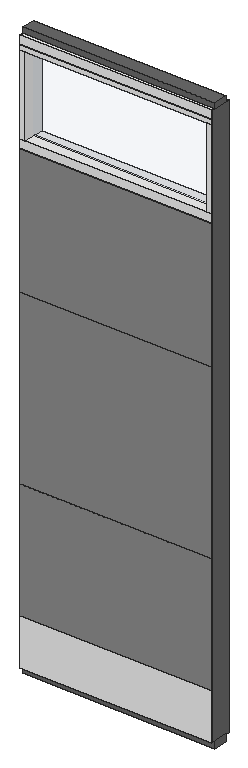
Revit family
Parameters (values of type "36" x 108"")
  Type Comments = ""
  Model = "see catalog for model #"
  Glass Panel Depth = 0.4"  # constant formula
  Description = "Enclose Solid Wall w/ Glass Transom"  # constant formula
  Ceiling Mount = yes
  Panel Size Note = "8in increments"  # constant formula
  Panel Height Note = "All Heights are A.F.F."  # constant formula
  Raceway Panel Width = Actual Width - (2 * End of Run Width)  # 35.69"
  Raceway Panel Front Height = 8.59"  # constant formula
  Raceway Panel Back Height = 8.59"  # constant formula
  PH1B = if(Raceway Panel Back, (Actual Solid Panel Height - Base Height - Raceway Panel Back Height), (Actual Solid Panel Height - Base Height))  # 78.16"
  URL - Product = "http://www.haworth.com/en-us/Products/Architectural/Moveable-Walls/Pages/Enclose.aspx"
  Raceway Panel Front = yes
  Raceway Panel Back = yes
  Panel Width 2 = Actual Width - (2 * Vertical Frame Width) - (2 * End of Run Width)  # 33.94"
  Panel Height 2 = Actual Height - Actual Solid Panel Height - Horizontal Transom Frame Width - Horizontal Top Adjuster Width - Horizontal Frame Width  # 14.875"
  Raceway Panel Finish = Haworth - Brushed Aluminum
  Panel 3 Front Finish [instance] = Haworth - Paint - Smoke
  Panel 2 Front Finish [instance] = Haworth - Paint - Smoke
  Panel 1 Front Finish [instance] = Haworth - Paint - Smoke
  Panel 3 Back Finish [instance] = Haworth - Paint - Smoke
  Panel 2 Back Finish [instance] = Haworth - Paint - Smoke
  Panel 1 Back Finish [instance] = Haworth - Paint - Smoke
  Offset Front = if(Raceway Panel Front, Raceway Panel Front Height + Base Height, Base Height)  # 9.84"
  Offset Back = if(Raceway Panel Back, Raceway Panel Back Height + Base Height, Base Height)  # 9.84"
  Max # of Panels = if(PH1F < 24", 2, if(PH1B < 24", 2, 3))  # 3
  Material Options = "http://surfaces.haworth.com/library3.cfm"
  Warranty = "http://surfaces.haworth.com/rsWarranty3.cfm"
  Width = 36"
  Vertical Frame Width = 0.875"  # constant formula
  URL = "www.haworth.com"
  LEED Data = "www.haworth.com/_layouts/Haworth.ProductCatalog/Handlers/GetAsset.ashx/Enclose_LEED_Contribution.pdf?cid=180&rid=1981&type=Leed"
  Sustainability Info = "www.haworth.com/en-us/About-Us/Sustainability/Documents/2005-Global-Sustainability-Report.pdf"
  Size = "Verify Final Dim. w/ Haworth"  # constant formula
  Revision Number = "1"  # constant formula
  Panel Width 1 = Actual Width - (2 * End of Run Width)  # 35.69"
  PH1F = if(Raceway Panel Front, (Actual Solid Panel Height - Base Height - Raceway Panel Front Height), (Actual Solid Panel Height - Base Height))  # 78.16"
  Panel Depth = 0.5"  # constant formula
  Min/Max Width = "8-60 in."  # constant formula
  Min/Max Height = "92-144 in."  # constant formula
  Horizontal Transom Frame Width = 1.625"  # constant formula
  Horizontal Top Trim Width = 1.43"  # constant formula
  Horizontal Top Adjuster Width = Cap Height + Horizontal Top Trim Width + 0.195"  # 2.625"
  Horizontal Bottom Adjuster Width = Base Height + Horizontal Bottom Trim Width + 0.195"  # 3.87"
  Glass Offset = Horizontal Bottom Adjuster Width + Horizontal Frame Width  # 4.745"
  Min. Width = 8"  # constant formula
  Max. Width = 60"  # constant formula
  Min. Height = 92"  # constant formula
  Max. Height = 144"  # constant formula
  Manufacturer = "Haworth"  # constant formula
  Horizontal Frame Width = 0.875"  # constant formula
  Horizontal Bottom Trim Width = 2.425"  # constant formula
  Height = 108"
  End of Run Width = 0.155"  # constant formula
  Frame Depth = 4"  # constant formula
  End of Run Right Width [instance] = if(End of Run Right, 1.845", End of Run Width)  # 0.155"
  End of Run Right [instance] = no
  End of Run Left Width [instance] = if(End of Run Left, 1.845", End of Run Width)  # 0.155"
  End of Run Left [instance] = no
  Cap Height = 1"  # constant formula
  Base Height = 1.25"  # constant formula
  Author = "SHAPE Environments, LLC"  # constant formula
  Assembly Code = "C1010200"
  Actual Width = if(Width < Min. Width, Min. Width, if(Width > Max. Width, Max. Width, Width))  # 36"
  Actual Height = if(Height < Min. Height, Min. Height, if(Height > Max. Height, Max. Height, Height))  # 108"
  Frame Finish = Haworth - Brushed Aluminum
  Glass Finish = Haworth - Glass - Clear
  End of Run Finish = Haworth - Plastic - Black
  Transom Panel Height = Actual Height - Actual Solid Panel Height  # 20"
  AFF Solid Panel Height = 88"
  Actual Solid Panel Height = if(AFF Solid Panel Height < 24.59" + Base Height, 24.59" + Base Height, if(AFF Solid Panel Height > Actual Height - Cap Height - 8", Actual Height - Cap Height - 8", AFF Solid Panel Height))  # 88"
  Actual # of Panels Front = if(# of Panels Front > Max # of Panels, Max # of Panels, if(# of Panels Front < 1, 1, # of Panels Front))  # 3
  Actual # of Panels Back = if(# of Panels Back > Max # of Panels, Max # of Panels, if(# of Panels Back < 1, 1, # of Panels Back))  # 3
  # of Panels Front = 3
  # of Panels Back = 3
  Actual Panel 2 Front Height = if(not(Actual Solid Panel Height > 25.84"), Actual Panel 1 Front Height + 4", if(Panel 2 Front Height < Actual Panel 1 Front Height + 8", Actual Panel 1 Front Height + 8", if(Panel 2 Front Height > Actual Solid Panel Height - 8", Actual Solid Panel Height - 8", Panel 2 Front Height)))  # 64"
  Actual Panel 1 Front Height = if(Panel 1 Front Height < 8" + Offset Front, 8" + Offset Front, if(and(Actual # of Panels Front = 3, Panel 1 Front Height > Actual Solid Panel Height - 16"), Actual Solid Panel Height - 16", if(and(Actual # of Panels Front = 2, Panel 1 Front Height > Actual Solid Panel Height - 8"), Actual Solid Panel Height - 8", Panel 1 Front Height)))  # 32"
  Actual Panel 2 Back Height = if(not(Actual Solid Panel Height > 25.84"), Actual Panel 1 Back Height + 4", if(Panel 2 Back Height < Actual Panel 1 Back Height + 8", Actual Panel 1 Back Height + 8", if(Panel 2 Back Height > Actual Solid Panel Height - 8", Actual Solid Panel Height - 8", Panel 2 Back Height)))  # 64"
  Actual Panel 1 Back Height = if(Panel 1 Back Height < 8" + Offset Back, 8" + Offset Back, if(and(Actual # of Panels Back = 3, Panel 1 Back Height > Actual Solid Panel Height - 16"), Actual Solid Panel Height - 16", if(and(Actual # of Panels Back = 2, Panel 1 Back Height > Actual Solid Panel Height - 8"), Actual Solid Panel Height - 8", Panel 1 Back Height)))  # 32"
  Panel 2 Front Height = 64"
  Panel 1 Front Height = 32"
  Panel 2 Back Height = 64"
  Panel 1 Back Height = 32"
Types (5): name | Raceway Panel Width | Panel Width 2 | Width | Panel Width 1 | Actual Width
  36" x 108" | 35.69" | 33.94" | 36" | 35.69" | 36"
  24" x 108" | 23.69" | 21.94" | 24" | 23.69" | 24"
  30" x 108" | 29.69" | 27.94" | 30" | 29.69" | 30"
  42" x 108" | 41.69" | 39.94" | 42" | 41.69" | 42"
  48" x 108" | 47.69" | 45.94" | 48" | 47.69" | 48"
Reference planes (in)
  plane 1 "Center F/B": y = -0.17786
  plane 2: z = 0
  plane 3 "Center L/R": x = -2.36364
  plane 4 "Left": x = -20.36364
  plane 5 "Right": x = 15.63636
  plane 6 "Top": z = 108
  plane 7 "Back": y = 1.82214
  plane 8 "Front": y = -2.17786
  plane 9 "Left Frame Outside": x = -20.20864
  plane 10 "Left Frame Inside": x = -19.33364
  plane 11 "Right Frame Outside": x = 15.48136
  plane 12 "Right Frame Inside": x = 14.60636
  plane 13 "End of Run Right": x = 15.63636
  plane 14 "End of Run Left": x = -20.36364
  plane 15 "Top Frame Outside": z = 105.375
  plane 16 "Top Trim Outside": z = 107
  plane 17 "Top Frame Inside": z = 104.5
  plane 18 "Bottom Frame Outside": z = 3.87
  plane 19 "Bottom Adjuster": z = 1.25
  plane 20 "Bottom Frame Inside": z = 4.745
  plane 21 "Panel Transition": z = 88
  plane 22 "Transition Trim": z = 89.625
  plane 23 "Raceway Top Front": z = 9.84
  plane 24 "Raceway Top Back": z = 9.84
Forms (in)
  Sweep 1, solid, material "Haworth - Plastic - Black" <- "End of Run Finish"
    path origin (0, -0.17786, 0) x (1, 0, 0) y (0, 0, 1)
      loop
        line (-20.20864, 107) -> (-20.20864, 1.25)
    profile "Haworth_Enclose - Postcap : Left" origin (-20.20864, -0.17786, 54.125) x (1, 0, 0) y (0, -1, 0)
      loop
        line (0, 1.805) -> (-0.155, 1.805) -> (-0.155, -1.805) -> (0, -1.805) -> (0, 1.805)
  Sweep 2, solid, material "Haworth - Plastic - Black" <- "End of Run Finish"
    path origin (0, -0.17786, 0) x (1, 0, 0) y (0, 0, 1)
      loop
        line (15.48136, 107) -> (15.48136, 1.25)
    profile "Haworth_Enclose - Postcap : Right" origin (15.48136, -0.17786, 54.125) x (1, 0, 0) y (0, -1, 0)
      loop
        line (0, 1.805) -> (0, -1.805) -> (0.155, -1.805) -> (0.155, 1.805) -> (0, 1.805)
  Sweep 3, solid, material "Haworth - Brushed Aluminum" <- "Frame Finish"
    path origin (0, -0.17786, 0) x (1, 0, 0) y (0, 0, 1)
      loop
        line (15.48136, 104.5) -> (-20.20864, 104.5)
    profile "Haworth_Enclose - Horizontal_Frame : Horizontal" origin (-2.36364, -0.17786, 104.5) x (0, 0, -1) y (0, -1, 0)
      loop
        line (0, 2) -> (-0.875, 2) -> (-0.875, -2) -> (0, -2) -> (0, 2)
  Sweep 4, solid, material "Haworth - Brushed Aluminum" <- "Frame Finish"
    path origin (0, -0.17786, 0) x (1, 0, 0) y (0, 0, 1)
      loop
        line (-20.20864, 107) -> (15.48136, 107)
    profile "Haworth_Enclose - Horizontal_Trim : Top" origin (-2.36364, -0.17786, 107) x (0, 0, 1) y (0, -1, 0)
      loop
        line (0, 2) -> (-1.43, 2) -> (-1.43, 1.805) -> (-1.625, 1.805) -> (-1.625, -1.805) -> (-1.43, -1.805) -> (-1.43, -2) -> (0, -2) -> (0, 2)
  Sweep 5, solid, material "Haworth - Plastic - Black", visible <- "Ceiling Mount"
    path origin (0, -0.17786, 0) x (1, 0, 0) y (0, 0, 1)
      loop
        line (-20.36364, 108) -> (15.63636, 108)
    profile "Haworth_Enclose - Horizontal_Track : Ceiling" origin (-2.36364, -0.17786, 108) x (0, 0, 1) y (0, -1, 0)
      loop
        line (0, 1.28) -> (-1, 1.28) -> (-1, -1.28) -> (0, -1.28) -> (0, 1.28)
  Sweep 6, solid, material "Haworth - Plastic - Black"
    path origin (0, -0.17786, 0) x (1, 0, 0) y (0, 0, 1)
      loop
        line (15.63636, 0) -> (-20.36364, 0)
    profile "Haworth_Enclose - Horizontal_Track : Base" origin (-2.36364, -0.17786, 0) x (0, 0, -1) y (0, -1, 0)
      loop
        line (0, 1.28) -> (-1.25, 1.28) -> (-1.25, -1.28) -> (0, -1.28) -> (0, 1.28)
  Sweep 7, solid, material "Haworth - Brushed Aluminum" <- "Frame Finish"
    path origin (0, -0.17786, 0) x (1, 0, 0) y (0, 0, 1)
      loop
        line (-20.20864, 89.625) -> (-20.20864, 104.5)
    profile "Haworth_Enclose - Vertical_Frame : Vertical" origin (-20.20864, -0.17786, 97.0625) x (-1, 0, 0) y (0, -1, 0)
      loop
        line (0, 2) -> (-0.875, 2) -> (-0.875, -2) -> (0, -2) -> (0, 2)
  Sweep 8, solid, material "Haworth - Brushed Aluminum" <- "Frame Finish"
    path origin (0, -0.17786, 0) x (1, 0, 0) y (0, 0, 1)
      loop
        line (-20.20864, 89.625) -> (15.48136, 89.625)
    profile "Haworth_Enclose - Horizontal_Trim : Transom" origin (-2.36364, -0.17786, 89.625) x (0, 0, 1) y (0, -1, 0)
      loop
        line (0, 2) -> (-1.43, 2) -> (-1.43, 1.805) -> (-1.625, 1.805) -> (-1.625, -1.805) -> (-1.43, -1.805) -> (-1.43, -2) -> (0, -2) -> (0, 2)
  Sweep 9, solid, material "Haworth - Brushed Aluminum" <- "Frame Finish"
    path origin (0, -0.17786, 0) x (1, 0, 0) y (0, 0, 1)
      loop
        line (15.48136, 89.625) -> (15.48136, 104.5)
    profile "Haworth_Enclose - Vertical_Frame : Vertical" origin (15.48136, -0.17786, 97.0625) x (-1, 0, 0) y (0, -1, 0)
      loop
        line (0, 2) -> (0, -2) -> (0.875, -2) -> (0.875, 2) -> (0, 2)
Lines and regions (in)
  Masking region 1
    outline origin (0, 0, 0) x (1, 0, 0) y (0, 1, 0)
      loop
        line (-20.36364, 1.82214) -> (-20.36364, -2.17786) -> (15.63636, -2.17786) -> (15.63636, 1.82214) -> (-20.36364, 1.82214)
  symbolic lines, style "Haworth", detail levels medium+fine
    curve 1: line (14.60636, 1.32214, 0) -> (14.60636, -1.67786, 0)
    curve 4: line (-19.33364, -1.67786, 0) -> (-19.33364, 1.32214, 0)
    curve 5: line (-20.36364, 1.32214, 0) -> (15.63636, 1.32214, 0)
    curve 6: line (15.63636, -1.67786, 0) -> (-20.36364, -1.67786, 0)
  symbolic lines, style "FurnitureSystemsHiddenLines", detail levels medium+fine
    curve 2: line (14.60636, -0.37786, 0) -> (-19.33364, -0.37786, 0)
    curve 3: line (14.60636, 0.02214, 0) -> (-19.33364, 0.02214, 0)
Dimensions and locks (in)
  equal spacing: plane 4 "Left", plane 3 "Center L/R", plane 5 "Right"
  "Actual Width": plane 4 "Left" to plane 5 "Right"
  "End of Run Width": plane 4 "Left" to plane 9 "Left Frame Outside"
  "Vertical Frame Width": plane 9 "Left Frame Outside" to plane 10 "Left Frame Inside"
  "End of Run Width": plane 11 "Right Frame Outside" to plane 5 "Right"
  "End of Run Right Width": plane 11 "Right Frame Outside" to plane 13 "End of Run Right"
  "End of Run Left Width": plane 14 "End of Run Left" to plane 9 "Left Frame Outside"
  "Vertical Frame Width": plane 12 "Right Frame Inside" to plane 11 "Right Frame Outside"
  equal spacing: plane 7 "Back", plane 1 "Center F/B", plane 8 "Front"
  "Frame Depth": plane 7 "Back" to plane 8 "Front"
  "Actual Height": plane 6 "Top" to level
  "Cap Height": plane 6 "Top" to plane 16 "Top Trim Outside"
  "Horizontal Frame Width": plane 15 "Top Frame Outside" to plane 17 "Top Frame Inside"
  "Base Height": plane 19 "Bottom Adjuster" to level
  "Horizontal Frame Width": plane 20 "Bottom Frame Inside" to plane 18 "Bottom Frame Outside"
  "Horizontal Bottom Adjuster Width": plane 18 "Bottom Frame Outside" to plane 2
  "Horizontal Top Adjuster Width": plane 6 "Top" to plane 15 "Top Frame Outside"
  "Actual Solid Panel Height": plane 21 "Panel Transition" to plane 2
  "Horizontal Transom Frame Width": plane 22 "Transition Trim" to plane 21 "Panel Transition"
  "Raceway Panel Front Height": plane 23 "Raceway Top Front" to plane 19 "Bottom Adjuster"
  "Raceway Panel Back Height": plane 19 "Bottom Adjuster" to plane 24 "Raceway Top Back"
  aligned and locked: Sweep 1 sketch curve to plane 9 "Left Frame Outside"
  aligned and locked: Sweep 2 sketch curve to plane 11 "Right Frame Outside"
  aligned and locked: plane 17 "Top Frame Inside" to Sweep 3 sketch curve
  aligned and locked: plane 9 "Left Frame Outside" to Sweep 3 sketch curve
  aligned and locked: plane 11 "Right Frame Outside" to Sweep 3 sketch curve
  aligned and locked: Sweep 4 sketch curve to plane 16 "Top Trim Outside"
  aligned and locked: plane 11 "Right Frame Outside" to Sweep 4 sketch curve
  aligned and locked: plane 9 "Left Frame Outside" to Sweep 4 sketch curve
  aligned and locked: plane 13 "End of Run Right" to Sweep 5 sketch curve
  aligned and locked: plane 14 "End of Run Left" to Sweep 5 sketch curve
  aligned and locked: plane 14 "End of Run Left" to Sweep 6 sketch curve
  aligned and locked: plane 13 "End of Run Right" to Sweep 6 sketch curve
  aligned and locked: plane 2 to Sweep 6 sketch curve
  aligned and locked: Sweep 5 sketch curve to plane 6 "Top"
  aligned and locked: Masking region 1 sketch curve to plane 7 "Back"
  aligned and locked: plane 8 "Front" to Masking region 1 sketch curve
  aligned and locked: plane 19 "Bottom Adjuster" to Sweep 1 sketch curve
  aligned and locked: plane 16 "Top Trim Outside" to Sweep 1 sketch curve
  aligned and locked: plane 16 "Top Trim Outside" to Sweep 2 sketch curve
  aligned and locked: plane 19 "Bottom Adjuster" to Sweep 2 sketch curve
  aligned and locked: plane 9 "Left Frame Outside" to Sweep 7 sketch curve
  aligned and locked: plane 17 "Top Frame Inside" to Sweep 7 sketch curve
  aligned and locked: Sweep 8 sketch curve to plane 22 "Transition Trim"
  aligned and locked: plane 11 "Right Frame Outside" to Sweep 8 sketch curve
  aligned and locked: plane 9 "Left Frame Outside" to Sweep 8 sketch curve
  aligned and locked: plane 22 "Transition Trim" to Sweep 7 sketch curve
  aligned and locked: plane 11 "Right Frame Outside" to Sweep 9 sketch curve
  aligned and locked: plane 17 "Top Frame Inside" to Sweep 9 sketch curve
  aligned and locked: plane 22 "Transition Trim" to Sweep 9 sketch curve
  aligned and locked: plane 3 "Center L/R" to nested 1
  aligned and locked: plane 1 "Center F/B" to nested 1
  aligned and locked: nested 1 to plane 22 "Transition Trim"
  aligned and locked: plane 3 "Center L/R" to nested 2
  aligned and locked: plane 8 "Front" to nested 2
  aligned and locked: nested 3 to plane 3 "Center L/R"
  aligned and locked: plane 7 "Back" to nested 3
  aligned and locked: nested 2 to plane 19 "Bottom Adjuster"
  aligned and locked: plane 19 "Bottom Adjuster" to nested 3
  aligned and locked: curve 5 to nested 3
  aligned and locked: curve 6 to nested 2
  aligned and locked: plane 14 "End of Run Left" to curve 5
  aligned and locked: plane 14 "End of Run Left" to curve 6
  aligned and locked: plane 13 "End of Run Right" to curve 5
  aligned and locked: plane 13 "End of Run Right" to curve 6
  aligned and locked: plane 3 "Center L/R" to nested 4
  aligned and locked: plane 8 "Front" to nested 4
  aligned and locked: nested 5 to plane 3 "Center L/R"
  aligned and locked: plane 7 "Back" to nested 5
  aligned and locked: Masking region 1 to plane 14 "End of Run Left"
  aligned and locked: plane 13 "End of Run Right" to Masking region 1
  aligned and locked: plane 21 "Panel Transition" to nested 4
  aligned and locked: nested 5 to plane 21 "Panel Transition"
  aligned and locked: curve 2 to nested 1
  aligned and locked: curve 3 to nested 1
Automatic sketch dimensions
  Masking region 1 sketch curve to plane 4 "Left" = 0"
  plane 5 "Right" to Masking region 1 sketch curve = 0"
  curve 4 to plane 10 "Left Frame Inside" = 0"
  curve 2 to plane 12 "Right Frame Inside" = 0"
Nested families (in)
  nested 1: "Haworth_Enclose - Panel_Glass" at (-3.54385, -0.14763, 89.625), type "Haworth_Enclose - Panel_Glass"
    with Panel Width 33.94", Panel Height 14.875", Panel Depth 0.4"
  nested 2: "Haworth_Enclose - Panel_Solid" at (-3.54385, -1.89763, 1.25), Panel Height <- "Raceway Panel Front Height", visible <- "Raceway Panel Front", type "Raceway Panel"
    with Panel Height 8.59"
  nested 3: "Haworth_Enclose - Panel_Solid" at (-3.54385, 1.5419, 1.25), Panel Height <- "Raceway Panel Back Height", visible <- "Raceway Panel Back", type "Raceway Panel"
    with Panel Height 8.59"
  nested 4: "Haworth_Enlcose - Panel_Solid-Tiles" at (-3.54385, -1.89763, 9.84), built-in parameter 1001364 <- "Offset Front", Panel 3 Finish <- "Panel 3 Front Finish", Panel 2 Finish <- "Panel 2 Front Finish", Panel 1 Finish <- "Panel 1 Front Finish", # of Panels <- "Actual # of Panels Front", type "Front"
    with Panel 3 Finish Haworth - Paint - Smoke, Panel 2 Finish Haworth - Paint - Smoke, Panel 1 Finish Haworth - Paint - Smoke, Actual # of Panels 3, 3 Panel yes, 2 Panel no, 1 Panel no, # of Panels 3, Offset 9.84", Actual 2H 54.16", Actual 1H 22.16", 2H 64", 1H 32", Actual Height 78.16"
  nested 5: "Haworth_Enlcose - Panel_Solid-Tiles" at (-3.54385, 1.5419, 9.84), built-in parameter 1001364 <- "Offset Back", Panel 3 Finish <- "Panel 3 Back Finish", Panel 2 Finish <- "Panel 2 Back Finish", Panel 1 Finish <- "Panel 1 Back Finish", # of Panels <- "Actual # of Panels Back", type "Back"
    with Panel 3 Finish Haworth - Paint - Smoke, Panel 2 Finish Haworth - Paint - Smoke, Panel 1 Finish Haworth - Paint - Smoke, Actual # of Panels 3, 3 Panel yes, 2 Panel no, 1 Panel no, # of Panels 3, Offset 9.84", Actual 2H 54.16", Actual 1H 22.16", 2H 64", 1H 32", Actual Height 78.16"
Definition of nested family "Haworth_Enclose - Panel_Glass"
  Parameters (values of type "Haworth_Enclose - Panel_Glass")
    Panel Width = 36"
    Panel Height = 108"
    Panel Finish = none
    Panel Depth = 0.5"
  Reference planes (in)
    plane 1 "Center F/B": y = -0.03024
    plane 2: z = 0
    plane 3 "Center L/R": x = 1.1802
    plane 4 "Left": x = -16.8198
    plane 5 "Right": x = 19.1802
    plane 6 "Back": y = 0.21976
    plane 7 "Front": y = -0.28024
    plane 8 "Top": z = 108
  Forms (in)
    Extrusion 1, solid, material <- "Panel Finish"
      sketch origin (0, -0.03024, 0) x (1, 0, 0) y (0, 0, 1)
        loop
          line (-16.8198, 108) -> (-16.8198, 0) -> (19.1802, 0) -> (19.1802, 108) -> (-16.8198, 108)
      from -0.25 to 0.25
  Dimensions and locks (in)
    "Panel Height": plane 8 "Top" to level
    equal spacing: plane 6 "Back", plane 1 "Center F/B", plane 7 "Front"
    "Panel Depth": plane 6 "Back" to plane 7 "Front"
    equal spacing: plane 4 "Left", plane 3 "Center L/R", plane 5 "Right"
    "Panel Width": plane 4 "Left" to plane 5 "Right"
    aligned and locked: plane 4 "Left" to Extrusion 1 sketch curve
    aligned and locked: Extrusion 1 sketch curve to plane 8 "Top"
    aligned and locked: level to Extrusion 1 sketch curve
    aligned and locked: Extrusion 1 sketch curve to plane 5 "Right"
    aligned and locked: plane 6 "Back" to Extrusion 1
    aligned and locked: Extrusion 1 to plane 7 "Front"
Definition of nested family "Haworth_Enclose - Panel_Solid"
  Parameters (values of type "Raceway Panel")
    URL = "www.haworth.com"
    Revision Number = "1"  # constant formula
    Revision Date = ""
    Panel Width = 35.69"
    Panel Height [instance] = 74.75"
    Panel Finish = Haworth - Brushed Aluminum
    Panel Depth = 0.5"
    Manufacturer = "Haworth"  # constant formula
    Author = "SHAPE Environments, LLC"  # constant formula
    Assembly Code = ""
  Reference planes (in)
    plane 1 "Center F/B": y = -0.03024
    plane 2: z = 0
    plane 3 "Center L/R": x = 1.1802
    plane 4 "Left": x = -16.6648
    plane 5 "Right": x = 19.0252
    plane 6 "Back": y = 0.21976
    plane 7 "Front": y = -0.28024
    plane 8 "Top": z = 74.75
  Forms (in)
    Extrusion 1, solid, material "Haworth - Brushed Aluminum" <- "Panel Finish"
      sketch origin (0, -0.03024, 0) x (1, 0, 0) y (0, 0, 1)
        loop
          line (-16.6648, 74.75) -> (-16.6648, 0) -> (19.0252, 0) -> (19.0252, 74.75) -> (-16.6648, 74.75)
      from -0.25 to 0.25
  Dimensions and locks (in)
    "Panel Height": plane 8 "Top" to level
    equal spacing: plane 6 "Back", plane 1 "Center F/B", plane 7 "Front"
    "Panel Depth": plane 6 "Back" to plane 7 "Front"
    equal spacing: plane 4 "Left", plane 3 "Center L/R", plane 5 "Right"
    "Panel Width": plane 4 "Left" to plane 5 "Right"
    aligned and locked: plane 4 "Left" to Extrusion 1 sketch curve
    aligned and locked: Extrusion 1 sketch curve to plane 8 "Top"
    aligned and locked: level to Extrusion 1 sketch curve
    aligned and locked: Extrusion 1 sketch curve to plane 5 "Right"
    aligned and locked: plane 6 "Back" to Extrusion 1
    aligned and locked: Extrusion 1 to plane 7 "Front"
Definition of nested family "Haworth_Enlcose - Panel_Solid-Tiles"
  Parameters (values of type "Front")
    URL = "www.haworth.com"
    Revision Number = "1"  # constant formula
    Revision Date = ""
    Panel Width = 35.69"
    Panel Depth = 0.5"
    Offset = 9.25"
    Panel 3 Finish [instance] = none
    Actual 2H = [2H] - Offset  # 14.75"
    Actual 1H = [1H] - Offset  # 6.75"
    Actual # of Panels [instance] = if(# of Panels > 3, 3, # of Panels)  # 3
    3 Panel [instance] = Actual # of Panels = 3  # yes
    2H = 24"
    Panel 2 Finish [instance] = none
    2 Panel [instance] = Actual # of Panels = 2  # no
    1H = 16"
    Panel 1 Finish [instance] = none
    1 Panel [instance] = Actual # of Panels = 1  # no
    Manufacturer = "Haworth"  # constant formula
    Author = "SHAPE Environments, LLC"  # constant formula
    Assembly Code = ""
    Actual Height = 44.75"
    # of Panels [instance] = 3
  Types (2): name | # of Panels
    Back | 4
    Front | 3
  Reference planes (in)
    plane 1 "Center F/B": y = -0.03024
    plane 2 "Bottom": z = 0
    plane 3 "Center L/R": x = 1.1802
    plane 4 "Left": x = -16.6648
    plane 5 "Right": x = 19.0252
    plane 6 "Back": y = 0.21976
    plane 7 "Front": y = -0.28024
    plane 8 "Top": z = 44.75
    plane 9: z = 14.75
    plane 10: z = 6.75
  Forms (in)
    Extrusion 1, solid, material <- "Panel 1 Finish", visible <- "1 Panel"
      sketch origin (0, -0.03024, -6.5) x (1, 0, 0) y (0, 0, 1)
        loop
          line (-16.6648, 51.25) -> (-16.6648, 6.5) -> (19.0252, 6.5) -> (19.0252, 51.25) -> (-16.6648, 51.25)
      from -0.25 to 0.25
    Extrusion 2, solid, material <- "Panel 1 Finish", visible <- "2 Panel"
      sketch origin (0, -0.03024, -6.5) x (1, 0, 0) y (0, 0, 1)
        loop
          line (-16.6648, 13.25) -> (-16.6648, 6.5) -> (19.0252, 6.5) -> (19.0252, 13.25) -> (-16.6648, 13.25)
      from -0.25 to 0.25
    Extrusion 3, solid, material <- "Panel 2 Finish", visible <- "2 Panel"
      sketch origin (0, -0.03024, -6.5) x (1, 0, 0) y (0, 0, 1)
        loop
          line (-16.6648, 51.25) -> (-16.6648, 13.25) -> (19.0252, 13.25) -> (19.0252, 51.25) -> (-16.6648, 51.25)
      from -0.25 to 0.25
    Extrusion 4, solid, material <- "Panel 1 Finish", visible <- "3 Panel"
      sketch origin (0, -0.03024, -6.5) x (1, 0, 0) y (0, 0, 1)
        loop
          line (-16.6648, 13.25) -> (-16.6648, 6.5) -> (19.0252, 6.5) -> (19.0252, 13.25) -> (-16.6648, 13.25)
      from -0.25 to 0.25
    Extrusion 5, solid, material <- "Panel 2 Finish", visible <- "3 Panel"
      sketch origin (0, -0.03024, -6.5) x (1, 0, 0) y (0, 0, 1)
        loop
          line (-16.6648, 21.25) -> (-16.6648, 13.25) -> (19.0252, 13.25) -> (19.0252, 21.25) -> (-16.6648, 21.25)
      from -0.25 to 0.25
    Extrusion 6, solid, material <- "Panel 3 Finish", visible <- "3 Panel"
      sketch origin (0, -0.03024, -6.5) x (1, 0, 0) y (0, 0, 1)
        loop
          line (-16.6648, 51.25) -> (-16.6648, 21.25) -> (19.0252, 21.25) -> (19.0252, 51.25) -> (-16.6648, 51.25)
      from -0.25 to 0.25
  Dimensions and locks (in)
    equal spacing: plane 6 "Back", plane 1 "Center F/B", plane 7 "Front"
    "Panel Depth": plane 6 "Back" to plane 7 "Front"
    equal spacing: plane 4 "Left", plane 3 "Center L/R", plane 5 "Right"
    "Panel Width": plane 4 "Left" to plane 5 "Right"
    "Actual 1H": plane 10 to level
    "Actual 2H": plane 9 to level
    "Actual Height": plane 8 "Top" to plane 2 "Bottom"
    aligned and locked: plane 4 "Left" to Extrusion 2 sketch curve
    aligned and locked: Extrusion 2 sketch curve to plane 10
    aligned and locked: Extrusion 2 sketch curve to Extrusion 1
    aligned and locked: Extrusion 3 sketch curve to Extrusion 2  (x2)
    aligned and locked: Extrusion 3 to Extrusion 4 sketch curve
    aligned and locked: Extrusion 4 sketch curve to Extrusion 2
    aligned and locked: Extrusion 4 sketch curve to Extrusion 1
    aligned and locked: plane 4 "Left" to Extrusion 5 sketch curve
    aligned and locked: Extrusion 5 sketch curve to plane 9
    aligned and locked: Extrusion 5 sketch curve to Extrusion 2
    aligned and locked: Extrusion 5 sketch curve to Extrusion 3
    aligned and locked: Extrusion 6 sketch curve to Extrusion 5  (x2)
  Automatic sketch dimensions
    Extrusion 1 sketch curve to plane 5 "Right" = 0"
    Extrusion 1 sketch curve to plane 4 "Left" = 0"
    Extrusion 1 sketch curve to plane 8 "Top" = 0"
    Extrusion 3 sketch curve to plane 4 "Left" = 0"
    Extrusion 3 sketch curve to plane 8 "Top" = 0"
    Extrusion 6 sketch curve to plane 4 "Left" = 0"
    Extrusion 6 sketch curve to plane 8 "Top" = 0"
    level to Extrusion 1 sketch curve = 0"
    level to Extrusion 2 sketch curve = 0"
    level to Extrusion 4 sketch curve = 0"
